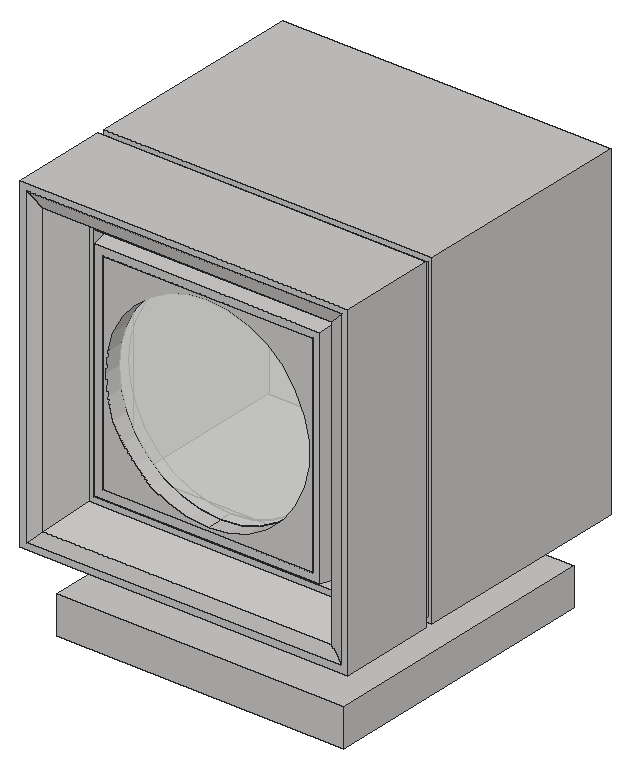
Revit family "Lighting-Luminii-Leto_44_Plus_WM_SML new", category Lighting Fixtures, host Face, Revit 2020
Family settings
  Host = Face
  Round Connector Dimension = Use Diameter
  Part Type = Normal
  OmniClass Number = 23.80.70.11.14.11
  OmniClass Title = Downlights
  Cut with Voids When Loaded = No
  Light Source = Yes
  Shared = Yes
  Room Calculation Point = No
Parameters (values of type "Leto 44 PLUS WM SML")
  Width = 0' - 6 15/16"  # constant formula
  Wattage Comments = "6.5W"
  Wattage = 6.49954 W
  Warranty URL = "https://www.luminii.com/terms-conditions/"
  built-in parameter 1150110 = 1 (stored number, unit not read)
  Voltage Comments = "120V | 277V | 347V"  # constant formula
  Voltage = 120 V
  Version = "2020 - v1.0a"  # constant formula
  URL = "https://www.luminii.com/"
  built-in parameter 1114217 = 1 (stored number, unit not read)
  Tilt Angle = 0.00°  # constant formula
  built-in parameter 1150109 = 1 (stored number, unit not read)
  built-in parameter 1150134 = (empty or 0)
  built-in parameter 1150113 = 1 (stored number, unit not read)
  Support Phone = "224-699-9545"  # constant formula
  Support Email = "mailto:support@bimsmith.com"
  Product Page URL = "https://www.luminii.com/product/leto-44-plus-wm-sml/"
  Power Source Type = "Driver"  # constant formula
  Power Factor = 1
  Photometric Web File = "713-A90-610-35-07-00.ies"
  Phase = 1
  Operating Temperature = "Consult Manufacturer Website for more Information"  # constant formula
  Number of Poles = if(and(or(Voltage = 120 V, Voltage = 277 V), Phase = 1), 1, if(and(or(Voltage = 208 V, Voltage = 240 V), Phase = 1), 2, if(and(or(Voltage = 208 V, Voltage = 240 V), Phase = 3), 3, if(and(Voltage > 300 V, Phase = 1), 2, if(and(Voltage > 400 V, Phase = 3), 3, 1)))))  # 1
  Mounting Method = "Wall Mount"  # constant formula
  Model = "713"  # constant formula
  Manufacturer Phone Number = "403-216-7043"  # constant formula
  Manufacturer Email = "mailto: info@sensolighting.com"
  Manufacturer Address = "302 50 Ave SE. Calgary, Alberta, T2G 2A9 Canada"  # constant formula
  Manufacturer = "Luminii"  # constant formula
  built-in parameter 1150105 = 55.704 (stored number, unit not read)
  Lumens = 700 lm
  Luminaire Type = "Wall Mount LED Downlight"  # constant formula
  built-in parameter 1150115 = 1 (stored number, unit not read)
  Load Classification = Lighting
  built-in parameter 1150137 = (empty or 0)
  built-in parameter 1150139 = (empty or 0)
  Lens Material = Plastic - Luminii - Frosted Lens
  Length = 0' - 5 9/16"  # constant formula
  built-in parameter 1150112 = 1 (stored number, unit not read)
  built-in parameter 1150114 = 1 (stored number, unit not read)
  Lamp Life = 1
  Lamp = "LED"  # constant formula
  Keynote = "26 50 00"
  built-in parameter 1150132 = 2
  built-in parameter 1150102 = (empty or 0)
  built-in parameter 1150107 = 3500 (stored number, unit not read)
  Initial Color Comments = "Perfomance based on 3500K Photometric Web File"  # constant formula
  built-in parameter 1150138 = (empty or 0)
  built-in parameter 1150106 = 0.55704 (stored number, unit not read)
  Housing Protection Rating = "Consult Manufacturer Website for more Information"  # constant formula
  Has Dimming = 1 = 1  # yes
  Has Battery Backup = 0 = 1  # no
  Frequency Comments = ""  # constant formula
  Frequency = 60 Hz
  Finish = Metal - Luminii - Silver Anodized Aluminum
  Environment = "Indoor"  # constant formula
  built-in parameter 1150104 = 10.006 (stored number, unit not read)
  Dimming Type = "Consult Manufacturer Website for more Information"  # constant formula
  Dimming Lamp Color Temperature Shift = <None>
  Description = "Wall Mount LED Downlight"  # constant formula
  Depth = 0' - 5 73/128"  # constant formula
  Default Elevation = 0' - 0"  # constant formula
  Current Amps = 50 A
  Copyright = "©2024 Luminii"  # constant formula
  Control Zone = "Consult Manufacturer Website for more Information"  # constant formula
  Control Type = "Consult Manufacturer Website for more Information"  # constant formula
  Constraints = 1  # constant formula
  Color Filter = 16777215
  built-in parameter 1114216 [instance] = 0  # (empty or 0)
  built-in parameter 1140040 [instance] = 1 = 1  # 1
  CCT = "3500K"
  built-in parameter 1114218 = 1 (stored number, unit not read)
  built-in parameter 1150133 = 10 (stored number, unit not read)
  Assembly Code = "D5020200"
  Apparent Load = Wattage / Power Factor  # 6.49954 VA
Reference planes (in)
  plane 1 "Center (Front/Back)": y = 0
  plane 2: z = 0
  plane 3 "Center (Left/Right)": x = 0
  plane 4: x = 2.78125
  plane 5: x = -2.78125
  plane 6: y = 2.78516
  plane 7: y = -2.78516
  plane 8: z = 4.16492
  plane 9: z = 1.37992
  plane 10: z = 6.9375
Forms (in)
  Extrusion 1, solid, material "Metal - Luminii - Silver Anodized Aluminum", not visible
    sketch origin (0, 0, 0) x (1, 0, 0) y (0, 1, 0)
      loop
        circle (0, 0) r 0.5
    from 0 to -0.17225
Dimensions and locks (in)
  equal spacing: plane 5, plane 3 "Center (Left/Right)", plane 4
  equal spacing: plane 6, plane 1 "Center (Front/Back)", plane 7  (x2)
  imposter light to plane 9 = 0' - 2.77879"
  locked: plane 9 to host face at 1.37992
  equal spacing: plane 10, imposter light, plane 9
  plane 10 to plane 9 = 0' - 5.55758"
  "Depth": plane 7 to plane 6
  "Width": host face to plane 10
  "Length": plane 4 to plane 5
  aligned and locked: plane 2 to host face
  aligned and locked: plane 3 "Center (Left/Right)" to Extrusion 1 sketch curve
  aligned and locked: plane 1 "Center (Front/Back)" to Extrusion 1 sketch curve
  aligned and locked: plane 2 to Extrusion 1  (x2)
  aligned and locked: imposter light to plane 3 "Center (Left/Right)"
Automatic sketch dimensions
  host sketch curve to host sketch curve = 8' - 0"  (x2)
  radius of Extrusion 1 sketch curve = 0' - 0 1/2"
Nested families (in)
  nested 1: "Nested - Lamp" at (0, 0, 0), type "Nested - Lamp"
Connectors (in)
  electrical at (0, 0, 0), driven by "Number of Poles", driven by "Load Classification", driven by "Voltage", driven by "Apparent Load", driven by "Power Factor"
    settings: on Extrusion 1, index 1, voltage 120 V, apparent load 6.49954 VA, apparent load phase1 0 VA, apparent load phase2 0 VA, apparent load phase3 0 VA, power factor 1, load classification "Lighting", number of poles 1, system type 30, power factor state 1, is connector primary yes, connector utility no, sub classification motor no, connector description "Power Connection"
Definition of nested family "Nested - Lamp"
  Parameters (values of type "Nested - Lamp")
    Width = 0' - 5.57087"  # constant formula
    Screen Material = none
    Inner Screen = none
    Height = 0' - 6.49606"  # constant formula
    Finish = none
    Depth = 0' - 5 73/128"
    Default Elevation = 4' - 0"
    Constraint = 3
  Reference planes (in)
    plane 1 "Center (Front/Back)": y = 0
    plane 2: z = 0
    plane 3 "Center (Left/Right)": x = 0
    plane 4: z = 3.25
    plane 5: z = 4.16492
    plane 6: x = -1.87008
    plane 7: x = 1.87008
    plane 8: x = -2.785
    plane 9: x = 2.785
    plane 10: y = -2.78516
    plane 11: y = 2.78516
  Forms (in)
    Extrusion 1, solid
      sketch origin (0, 0, 0) x (1, 0, 0) y (0, 1, 0)
        loop
          line (-48, 48) -> (-48, -48) -> (48, -48) -> (48, 48) -> (-48, 48)
      from 0 to -12
    Sweep 2, solid, material <- "Finish", detail levels medium+fine
      path origin (-0.03362, -2.16535, 6.49563) x (0, 0, 1) y (-1, 0, 0)
        loop
          line (0.45479, -2.81862) -> (0.45479, 2.75138) -> (-5.11621, 2.75138) -> (-5.11621, -2.81862) -> (0.45479, -2.81862)
      profile origin (2.785, -2.16535, 4.16492) x (0, -1, 0) y (1, 0, 0)
        loop
          line (-4.95051, 0) -> (-4.95051, -0.07874) -> (-4.75366, -0.07874) -> (-4.75366, -0.21654) -> (-0.51419, -0.21654) -> (-0.51419, -1) -> (0.1198, -1) -> (0.1198, -0.875) -> (-0.29402, -0.81684)
          arc (-0.29402, -0.81684) -> (-0.3177, -0.79301) -> (-0.29852, -0.76544) r 0.02623
          line (-0.29852, -0.76544) -> (-0.01419, -0.74056) -> (-0.01419, -0.65072) -> (0.55419, -0.32428) -> (0.6198, -0.10547) -> (0.6198, 0) -> (-1.03645, 0) -> (-1.03645, -0.07874) -> (-1.16145, -0.07874) -> (-1.16145, 0) -> (-4.95051, 0)
    Extrusion 3, solid, material <- "Finish"
      sketch origin (1.59205, -1.76744, 6.83768) x (0, 0, -1) y (1, 0, 0)
        loop
          line (4.45826, 0.19345) -> (0.88726, 0.19345) -> (0.88726, -3.37755) -> (4.45826, -3.37755) -> (4.45826, 0.19345)
        loop
          circle (2.67276, -1.59205) r 1.738
      from 0.23419 to 0.51772
    Extrusion 4, solid, material <- "Screen Material"
      sketch origin (1.59205, -3.2608, 6.83768) x (0, 0, -1) y (1, 0, 0)
        loop
          circle (2.67276, -1.59205) r 1.738
      from -1.25917 to -1.46931
    Extrusion 5, solid, material <- "Finish", detail levels medium+fine
      sketch origin (-0.03362, -3.09528, 6.03258) x (0, 0, 1) y (-1, 0, 0)
        loop
          line (0.8391, -2.73988) -> (0.8391, 2.67263) -> (-4.57442, 2.67263) -> (-4.57442, -2.73988) -> (0.8391, -2.73988)
        loop
          line (-1.27711, -0.35085) -> (-0.52144, -0.35085)
          arc (-0.52144, -0.35085) -> (-0.24585, -0.07526) -> (-0.52144, 0.20033) r 0.27559
          line (-0.52144, 0.20033) -> (-1.27711, 0.20033)
          arc (-1.27711, 0.20033) -> (-1.49982, 0.29258) -> (-1.59207, 0.51529) r 0.31496
          line (-1.59207, 0.51529) -> (-1.59207, 1.14748)
          arc (-1.59207, 1.14748) -> (-1.86766, 1.42307) -> (-2.14325, 1.14748) r 0.27559
          line (-2.14325, 1.14748) -> (-2.14325, 0.55693)
          arc (-2.14325, 0.55693) -> (-2.2355, 0.33422) -> (-2.45821, 0.24197) r 0.31496
          line (-2.45821, 0.24197) -> (-3.04876, 0.24197)
          arc (-3.04876, 0.24197) -> (-3.32435, -0.03362) -> (-3.04876, -0.30922) r 0.27559
          line (-3.04876, -0.30922) -> (-2.45821, -0.30922)
          arc (-2.45821, -0.30922) -> (-2.2355, -0.40147) -> (-2.14325, -0.62418) r 0.31496
          line (-2.14325, -0.62418) -> (-2.14325, -1.21473)
          arc (-2.14325, -1.21473) -> (-1.86766, -1.49032) -> (-1.59207, -1.21473) r 0.27559
          line (-1.59207, -1.21473) -> (-1.59207, -0.66582)
          arc (-1.59207, -0.66582) -> (-1.49982, -0.4431) -> (-1.27711, -0.35085) r 0.31496
      from -5.75828 to -5.68358
    Extrusion 6, solid, material <- "Finish", detail levels medium+fine
      sketch origin (-0.03362, -3.09528, 6.03258) x (0, 0, 1) y (-1, 0, 0)
        loop
          line (0.8391, -2.73988) -> (0.8391, 2.67263) -> (-4.57442, 2.67263) -> (-4.57442, -2.73988) -> (0.8391, -2.73988)
        loop
          circle (-1.86766, -0.03362) r 0.87104
        loop
          circle (-1.86766, -0.03362) r 0.71409
      from -5.36862 to -5.30882
    Sweep 7, solid, material <- "Finish", detail levels coarse
      path origin (0.8813, -1.70248, 6.49563) x (0, 0, 1) y (-1, 0, 0)
        loop
          line (0.45479, -1.9042) -> (0.45479, 3.6668) -> (-5.11621, 3.6668) -> (-5.11621, -1.9042) -> (0.45479, -1.9042)
      profile origin (2.7855, -1.70248, 4.16492) x (0, -1, 0) y (1, 0, 0)
        loop
          line (-4.48764, 0) -> (-4.48764, -0.07874) -> (-4.29078, -0.07874) -> (-4.29078, -0.21654) -> (-0.05132, -0.21654) -> (-0.05132, -1.00515) -> (0.58268, -1.00515) -> (0.58268, -0.43704) -> (1.05685, -0.1647) -> (1.08268, -0.09375) -> (1.08268, 0) -> (-4.48764, 0)
    Extrusion 8, solid, material <- "Finish"
      sketch origin (-0.03362, 1.25, 6.49606) x (0, 1, 0) y (-1, 0, 0)
        loop
          line (1.1875, 2.40732) -> (-3.6875, 2.40732) -> (-3.6875, -2.47457) -> (1.1875, -2.47457) -> (1.1875, 2.40732)
      from -6.49606 to -5.86614
    Extrusion 9, solid, material <- "Finish"
      sketch origin (-0.03362, 1.25, 6.49606) x (0, 1, 0) y (-1, 0, 0)
        loop
          line (-0.38386, -0.89977) -> (-0.38386, 0.83252) -> (-2.11614, 0.83252) -> (-2.11614, -0.89977) -> (-0.38386, -0.89977)
      from -5.11614 to -5.86614
    Extrusion 10, solid, material <- "Finish", detail levels coarse
      sketch origin (-0.03362, -3.09528, 6.03258) x (0, 0, 1) y (-1, 0, 0)
        loop
          line (0.8391, -2.73988) -> (0.8391, 2.67263) -> (-4.57442, 2.67263) -> (-4.57442, -2.73988) -> (0.8391, -2.73988)
      from -5.75828 to -5.68358
  Lines and regions (in)
    reference lines
      curve 1: line (0, -2.1434, 4.16492) -> (0, -2.1434, 8.12942)
  Dimensions and locks (in)
    Sweep 7 to Extrusion 1 = 0' - 1.37942"
    Sweep 7 to Sweep 7 = 0' - 5.571"
    Sweep 7 to plane 4 = 0' - 1.87058"
    Sweep 7 to plane 5 = 0' - 2.7855"
    plane 6 to plane 7 = 0' - 3.74016"
    plane 6 to plane 3 "Center (Left/Right)" = 0' - 1.87008"
    plane 3 "Center (Left/Right)" to Sweep 7 = 0' - 2.7855"
    equal spacing: plane 11, plane 1 "Center (Front/Back)", plane 10  (x2)
    Sweep 7 to Sweep 7 = 0' - 1.00515"
    Sweep 2 to Sweep 2 = 0' - 1"
    Sweep 2 to Sweep 2 = 0' - 0 1/8"
    Sweep 2 to plane 10 = 0' - 0 1/2"
    plane 10 to Sweep 2 sketch curve = 0' - 0 1/2"
    plane 10 to Sweep 2 sketch curve = 0' - 1.134"
    locked: Extrusion 8 sketch curve to plane 3 "Center (Left/Right)" at 2.44094
    locked: plane 1 "Center (Front/Back)" to Extrusion 8 sketch curve at 2.4375
    locked: Extrusion 8 sketch curve to plane 1 "Center (Front/Back)" at 2.4375
    locked: plane 3 "Center (Left/Right)" to Extrusion 8 sketch curve at 2.44094
    Extrusion 3 sketch curve to Extrusion 3 sketch curve = 0' - 3.571"
    "Depth": plane 11 to plane 10
    angle Sweep 7 sketch curve to plane 10 = 20.00°
    angle Sweep 7 sketch curve to Sweep 7 sketch curve = 119.87°
    aligned and locked: plane 2 to Extrusion 1
    aligned and locked: level to Extrusion 1
  Automatic sketch dimensions
    Extrusion 1 sketch curve to Extrusion 1 sketch curve = 8' - 0"  (x2)
    plane 9 to Sweep 2 sketch curve = 0' - 0"
    Sweep 2 sketch curve to plane 8 = 0' - 0"
    level to Sweep 2 sketch curve = 0' - 1.37942"
    plane 5 to Sweep 2 sketch curve = 0' - 2.7855"
    Extrusion 5 sketch curve to plane 3 "Center (Left/Right)" = 0' - 0"
    Extrusion 5 sketch curve to plane 5 = 0' - 0"  (x2)
    Extrusion 5 sketch curve to Extrusion 5 sketch curve = 0' - 0.27559"  (x2)
    plane 4 to Extrusion 5 sketch curve = 0' - 0.32437"  (x2)
    Extrusion 5 sketch curve to plane 4 = 0' - 0.26618"
    plane 9 to Extrusion 5 sketch curve = 0' - 0.07874"
    level to Extrusion 5 sketch curve = 0' - 1.45816"
    Extrusion 5 sketch curve to plane 3 "Center (Left/Right)" = 0' - 0.23395"
    Extrusion 5 sketch curve to Extrusion 5 sketch curve = 0' - 0.31496"  (x2)
    plane 3 "Center (Left/Right)" to Extrusion 5 sketch curve = 0' - 0.31723"
    Extrusion 5 sketch curve to Extrusion 5 sketch curve = 0' - 0.75567"
    plane 8 to Extrusion 5 sketch curve = 0' - 0.07874"
    plane 5 to Extrusion 5 sketch curve = 0' - 2.70676"
    Extrusion 5 sketch curve to Extrusion 5 sketch curve = 0' - 0.54891"
    plane 3 "Center (Left/Right)" to Extrusion 5 sketch curve = 0' - 0.59055"
    Extrusion 5 sketch curve to Extrusion 5 sketch curve = 0' - 0.63219"
    Extrusion 6 sketch curve to Extrusion 6 sketch curve = 0' - 0"  (x2)
    Extrusion 6 sketch curve to plane 3 "Center (Left/Right)" = 0' - 0"
    Extrusion 6 sketch curve to plane 5 = 0' - 0"
    plane 9 to Extrusion 6 sketch curve = 0' - 0.07874"
    level to Extrusion 6 sketch curve = 0' - 1.45816"
    plane 5 to Extrusion 6 sketch curve = 0' - 2.70676"
    plane 8 to Extrusion 6 sketch curve = 0' - 0.07874"
    Sweep 7 sketch curve to plane 9 = 0' - 0.0005"
    level to Sweep 7 sketch curve = 0' - 1.37942"
    Sweep 7 sketch curve to plane 8 = 0' - 0.0005"
    plane 5 to Sweep 7 sketch curve = 0' - 2.7855"
    Sweep 7 sketch curve to profile plane = 0' - 0"
    profile plane to Sweep 7 sketch curve = 0' - 0.07874"
    Sweep 7 sketch curve to profile plane = 0' - 4.48764"
    Sweep 7 sketch curve to Sweep 7 sketch curve = 0' - 0.19685"
    Sweep 7 sketch curve to profile plane = 0' - 0.05132"
    profile plane to Sweep 7 sketch curve = 0' - 0.58268"
    profile plane to Sweep 7 sketch curve = 0' - 0.1647"
    Sweep 7 sketch curve to Sweep 7 sketch curve = 0' - 0.47418"
    profile plane to Sweep 7 sketch curve = 0' - 0 3/32"
    Sweep 7 sketch curve to Sweep 7 sketch curve = 0' - 0.56811"
    Sweep 7 sketch curve to Sweep 7 sketch curve = 0' - 0.1378"
    plane 1 "Center (Front/Back)" to Extrusion 9 sketch curve = 0' - 0.86614"
    Extrusion 9 sketch curve to plane 1 "Center (Front/Back)" = 0' - 0.86614"
    plane 3 "Center (Left/Right)" to Extrusion 9 sketch curve = 0' - 0.86614"
    Extrusion 9 sketch curve to plane 3 "Center (Left/Right)" = 0' - 0.86614"
    plane 9 to Extrusion 10 sketch curve = 0' - 0.07874"
    level to Extrusion 10 sketch curve = 0' - 1.45816"
    plane 8 to Extrusion 10 sketch curve = 0' - 0.07874"
    plane 5 to Extrusion 10 sketch curve = 0' - 2.70676"
    curve 1 to plane 5 = 0' - 0"
    plane 10 to curve 1 = 0' - 0.64176"
    plane 5 to curve 1 = 0' - 3.9645"
    Sweep 2 sketch curve to profile plane = 0' - 0"  (x2)
    profile plane to Sweep 2 sketch curve = 0' - 0.21654"
    Sweep 2 sketch curve to Sweep 2 sketch curve = 0' - 4.23947"
    Sweep 2 sketch curve to Sweep 2 sketch curve = 0' - 0.19685"
    Sweep 2 sketch curve to profile plane = 0' - 0.29852"
    Sweep 2 sketch curve to Sweep 2 sketch curve = 0' - 0.0045"
    Sweep 2 sketch curve to Sweep 2 sketch curve = 0' - 0.00245"
    Sweep 2 sketch curve to profile plane = 0' - 0.01419"
    profile plane to Sweep 2 sketch curve = 0' - 0.07874"  (x2)
    Sweep 2 sketch curve to profile plane = 0' - 1.16145"
    Sweep 2 sketch curve to Sweep 2 sketch curve = 0' - 0 1/8"  (x2)
    Sweep 2 sketch curve to Sweep 2 sketch curve = 0' - 1.59063"
    Sweep 2 sketch curve to Sweep 2 sketch curve = 0' - 1 21/32"
    Sweep 2 sketch curve to Sweep 2 sketch curve = 0' - 0.24554"
    profile plane to Sweep 2 sketch curve = 0' - 0.65072"
    Sweep 2 sketch curve to Sweep 2 sketch curve = 0' - 0 23/256"
    Sweep 2 sketch curve to Sweep 2 sketch curve = 0' - 0.02488"
    Sweep 2 sketch curve to Sweep 2 sketch curve = 0' - 0.02529"
    Sweep 2 sketch curve to Sweep 2 sketch curve = 0' - 0.13444"
    profile plane to Sweep 2 sketch curve = 0' - 0 27/256"
    Extrusion 3 sketch curve to plane 3 "Center (Left/Right)" = 0' - 0"
    Extrusion 3 sketch curve to plane 5 = 0' - 0"
    plane 6 to Extrusion 3 sketch curve = 0' - 0.08458"
    plane 5 to Extrusion 3 sketch curve = 0' - 1.7855"
    plane 7 to Extrusion 3 sketch curve = 0' - 0.08458"
    Extrusion 4 sketch curve to Extrusion 4 sketch curve = 0' - 0"  (x2)
    Extrusion 4 sketch curve to plane 3 "Center (Left/Right)" = 0' - 0"
    Extrusion 4 sketch curve to plane 5 = 0' - 0"
    plane 5 to Extrusion 4 sketch curve = 0' - 1.738"
    radius of Extrusion 6 sketch curve = 0' - 0.87104"
    radius of Extrusion 6 sketch curve = 0' - 0.71409"
    radius of Extrusion 3 sketch curve = 0' - 1.738"
